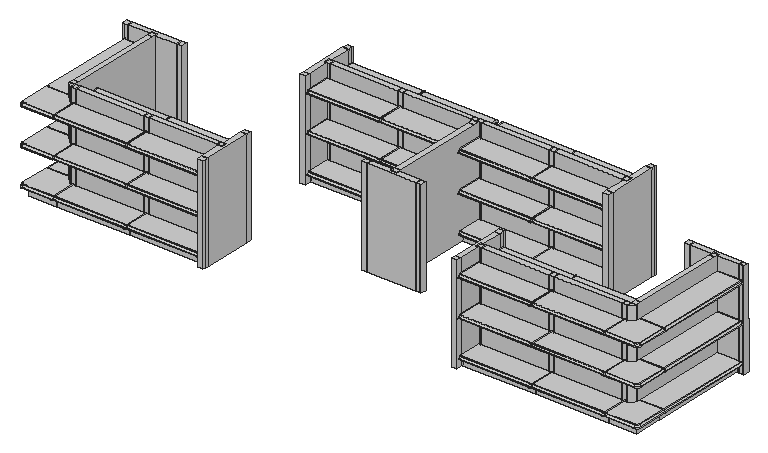
Revit family "QF_ConfigurationA", category Specialty Equipment, Revit 2012
Parameters
  Width = 1' - 0"
  Height = 4' - 0"
Reference planes (in)
  plane 1 "Center (Front/Back)": y = 0
  plane 2: z = 0
  plane 3 "Center (Left/Right)": x = 0
  plane 4: z = 48
  plane 5: z = 5.5
  plane 6: z = 4.125
  plane 7: z = 23.5
  plane 8: z = 41.5
  plane 9: z = 22.125
  plane 10: z = 40.125
  plane 11: y = 6
  plane 12: y = 6
  plane 13: y = 82.5
  plane 14: y = 20.25
  plane 15: y = 68.25
  plane 16: x = -80.625
  plane 17: x = -128.625
  plane 18: y = 82.5
  plane 19: y = 96.75
  plane 20: x = -157.875
  plane 21: x = -205.875
  plane 22: y = 6
Forms (in)
  Extrusion 1, solid, material "Metal - Steel"
    sketch origin (0, 0, 0) x (1, 0, 0) y (0, 1, 0)
      loop
        line (-7.375, 7.375) -> (-7.375, 4.625) -> (-6.875, 4.625) -> (-4.625, 6.875) -> (-4.625, 7.375) -> (-7.375, 7.375)
    from 0 to 48
  Extrusion 2, solid, material "Metal - Steel"
    sketch origin (0, 0, 0) x (1, 0, 0) y (0, 1, 0)
      loop
        line (-4.625, 8.625) -> (-4.625, 6.875) -> (-6.875, 4.625) -> (-8.625, 4.625) -> (-8.625, -7.25) -> (6.25, -7.25)
        arc (6.25, -7.25) -> (6.95711, -6.95711) -> (7.25, -6.25) r 1
        line (7.25, -6.25) -> (7.25, 8.625) -> (-4.625, 8.625)
    from 4.125 to 5.5
  Extrusion 3, solid, material "Metal - Steel"
    sketch origin (0, 0, 0) x (1, 0, 0) y (0, 1, 0)
      loop
        line (5.25, 8.625) -> (-4.625, 8.625) -> (-4.625, 6.875) -> (-6.875, 4.625) -> (-8.625, 4.625) -> (-8.625, -5.375) -> (5.25, -5.375) -> (5.25, 8.625)
    from 0 to 4.125
  Sweep 4, solid, material "Metal - Steel"
    path in 3D
      loop
        line (-8.625, -7.25, 5.5) -> (6.25, -7.25, 5.5)
        arc (6.25, -7.25, 5.5) -> (6.95711, -6.95711, 5.5) -> (7.25, -6.25, 5.5) r 1
        line (7.25, -6.25, 5.5) -> (7.25, 8.625, 5.5)
    profile origin (7.25, 1.1875, 5.5) x (-1, 0, 0) y (0, 0, 1)
      loop
        line (0, 0) -> (-0.25, 0) -> (-0.25, -0.125) -> (-0.125, -0.125)
        arc (-0.125, -0.125) -> (-0.38696, -0.76286) -> (-0.875, -1.25) r 1.75
        line (-0.875, -1.25) -> (-0.875, -1.125) -> (-1, -1.125) -> (-1, -1.375) -> (0, -1.375) -> (0, 0)
  Extrusion 5, solid, material "Metal - Steel"
    sketch origin (0, 0, 0) x (1, 0, 0) y (0, 1, 0)
      loop
        line (-8.625, 4.625) -> (-8.625, -7.25) -> (6.25, -7.25)
        arc (6.25, -7.25) -> (6.95711, -6.95711) -> (7.25, -6.25) r 1
        line (7.25, -6.25) -> (7.25, 8.625) -> (-4.625, 8.625) -> (-4.625, 6.875) -> (-6.875, 4.625) -> (-8.625, 4.625)
    from 22.125 to 23.5
  Extrusion 6, solid, material "Metal - Steel"
    sketch origin (0, 0, 0) x (1, 0, 0) y (0, 1, 0)
      loop
        line (-8.625, 4.625) -> (-8.625, -7.25) -> (6.25, -7.25)
        arc (6.25, -7.25) -> (6.95711, -6.95711) -> (7.25, -6.25) r 1
        line (7.25, -6.25) -> (7.25, 8.625) -> (-4.625, 8.625) -> (-4.625, 6.875) -> (-6.875, 4.625) -> (-8.625, 4.625)
    from 40.125 to 41.5
  Sweep 7, solid, material "Metal - Steel"
    path in 3D
      loop
        line (-8.625, -7.25, 23.5) -> (6.25, -7.25, 23.5)
        arc (6.25, -7.25, 23.5) -> (6.95711, -6.95711, 23.5) -> (7.25, -6.25, 23.5) r 1
        line (7.25, -6.25, 23.5) -> (7.25, 8.625, 23.5)
    profile origin (-1.1875, -7.25, 23.5) x (0, 1, 0) y (0, 0, 1)
      loop
        line (0, 0) -> (-0.25, 0) -> (-0.25, -0.125) -> (-0.125, -0.125)
        arc (-0.125, -0.125) -> (-0.38696, -0.76286) -> (-0.875, -1.25) r 1.75
        line (-0.875, -1.25) -> (-0.875, -1.125) -> (-1, -1.125) -> (-1, -1.375) -> (0, -1.375) -> (0, 0)
  Sweep 8, solid, material "Metal - Steel"
    path in 3D
      loop
        line (-8.625, -7.25, 41.5) -> (6.25, -7.25, 41.5)
        arc (6.25, -7.25, 41.5) -> (6.95711, -6.95711, 41.5) -> (7.25, -6.25, 41.5) r 1
        line (7.25, -6.25, 41.5) -> (7.25, 8.625, 41.5)
    profile origin (7.25, 1.1875, 41.5) x (-1, 0, 0) y (0, 0, 1)
      loop
        line (0, 0) -> (-0.25, 0) -> (-0.25, -0.125) -> (-0.125, -0.125)
        arc (-0.125, -0.125) -> (-0.38696, -0.76286) -> (-0.875, -1.25) r 1.75
        line (-0.875, -1.25) -> (-0.875, -1.125) -> (-1, -1.125) -> (-1, -1.375) -> (0, -1.375) -> (0, 0)
  Extrusion 9, solid, material "Metal - Steel"
    sketch origin (-289.25, 0, 0) x (-1, 0, 0) y (0, -1, 0)
      loop
        line (-7.375, -7.375) -> (-4.625, -7.375) -> (-4.625, -6.875) -> (-6.875, -4.625) -> (-7.375, -4.625) -> (-7.375, -7.375)
    from 0 to 48
  Extrusion 10, solid, material "Metal - Steel"
    sketch origin (-289.25, 0, 0) x (-1, 0, 0) y (0, -1, 0)
      loop
        line (-4.625, -8.625) -> (7.25, -8.625) -> (7.25, 6.25)
        arc (7.25, 6.25) -> (6.95711, 6.95711) -> (6.25, 7.25) r 1
        line (6.25, 7.25) -> (-8.625, 7.25) -> (-8.625, -4.625) -> (-6.875, -4.625) -> (-4.625, -6.875) -> (-4.625, -8.625)
    from 4.125 to 5.5
  Extrusion 11, solid, material "Metal - Steel"
    sketch origin (-289.25, 0, 0) x (-1, 0, 0) y (0, -1, 0)
      loop
        line (5.25, -8.625) -> (5.25, 5.375) -> (-8.625, 5.375) -> (-8.625, -4.625) -> (-6.875, -4.625) -> (-4.625, -6.875) -> (-4.625, -8.625) -> (5.25, -8.625)
    from 0 to 4.125
  Sweep 12, solid, material "Metal - Steel"
    path in 3D
      loop
        line (-280.625, -7.25, 5.5) -> (-295.5, -7.25, 5.5)
        arc (-295.5, -7.25, 5.5) -> (-296.20711, -6.95711, 5.5) -> (-296.5, -6.25, 5.5) r 1
        line (-296.5, -6.25, 5.5) -> (-296.5, 8.625, 5.5)
    profile origin (-296.5, 1.1875, 5.5) x (-1, 0, 0) y (0, 0, 1)
      loop
        line (0, 0) -> (0, -1.375) -> (1, -1.375) -> (1, -1.125) -> (0.875, -1.125) -> (0.875, -1.25)
        arc (0.875, -1.25) -> (0.38696, -0.76286) -> (0.125, -0.125) r 1.75
        line (0.125, -0.125) -> (0.25, -0.125) -> (0.25, 0) -> (0, 0)
  Extrusion 13, solid, material "Metal - Steel"
    sketch origin (-289.25, 0, 0) x (-1, 0, 0) y (0, -1, 0)
      loop
        line (-8.625, -4.625) -> (-6.875, -4.625) -> (-4.625, -6.875) -> (-4.625, -8.625) -> (7.25, -8.625) -> (7.25, 6.25)
        arc (7.25, 6.25) -> (6.95711, 6.95711) -> (6.25, 7.25) r 1
        line (6.25, 7.25) -> (-8.625, 7.25) -> (-8.625, -4.625)
    from 22.125 to 23.5
  Extrusion 14, solid, material "Metal - Steel"
    sketch origin (-289.25, 0, 0) x (-1, 0, 0) y (0, -1, 0)
      loop
        line (-8.625, -4.625) -> (-6.875, -4.625) -> (-4.625, -6.875) -> (-4.625, -8.625) -> (7.25, -8.625) -> (7.25, 6.25)
        arc (7.25, 6.25) -> (6.95711, 6.95711) -> (6.25, 7.25) r 1
        line (6.25, 7.25) -> (-8.625, 7.25) -> (-8.625, -4.625)
    from 40.125 to 41.5
  Sweep 15, solid, material "Metal - Steel"
    path in 3D
      loop
        line (-280.625, -7.25, 23.5) -> (-295.5, -7.25, 23.5)
        arc (-295.5, -7.25, 23.5) -> (-296.20711, -6.95711, 23.5) -> (-296.5, -6.25, 23.5) r 1
        line (-296.5, -6.25, 23.5) -> (-296.5, 8.625, 23.5)
    profile origin (-296.5, 1.1875, 23.5) x (-1, 0, 0) y (0, 0, 1)
      loop
        line (0, 0) -> (0, -1.375) -> (1, -1.375) -> (1, -1.125) -> (0.875, -1.125) -> (0.875, -1.25)
        arc (0.875, -1.25) -> (0.38696, -0.76286) -> (0.125, -0.125) r 1.75
        line (0.125, -0.125) -> (0.25, -0.125) -> (0.25, 0) -> (0, 0)
  Sweep 16, solid, material "Metal - Steel"
    path in 3D
      loop
        line (-280.625, -7.25, 41.5) -> (-295.5, -7.25, 41.5)
        arc (-295.5, -7.25, 41.5) -> (-296.20711, -6.95711, 41.5) -> (-296.5, -6.25, 41.5) r 1
        line (-296.5, -6.25, 41.5) -> (-296.5, 8.625, 41.5)
    profile origin (-296.5, 1.1875, 41.5) x (-1, 0, 0) y (0, 0, 1)
      loop
        line (0, 0) -> (0, -1.375) -> (1, -1.375) -> (1, -1.125) -> (0.875, -1.125) -> (0.875, -1.25)
        arc (0.875, -1.25) -> (0.38696, -0.76286) -> (0.125, -0.125) r 1.75
        line (0.125, -0.125) -> (0.25, -0.125) -> (0.25, 0) -> (0, 0)
Cuts and joins
  joined: Extrusion 2, Extrusion 3, Sweep 4
  joined: Extrusion 5, Sweep 7
  joined: Extrusion 6, Sweep 8
  joined: Extrusion 14, Sweep 16
  joined: Extrusion 13, Sweep 15
  joined: Extrusion 10, Sweep 12
Lines and regions (in)
  sketch lines
    curve 1: line (7.25, -6.25, 5.5) -> (7.25, 8.625, 5.5)
    curve 2: arc (7.25, -6.25, 5.5) -> (6.95711, -6.95711, 5.5) -> (6.25, -7.25, 5.5) r 1
    curve 3: line (-8.625, -7.25, 5.5) -> (6.25, -7.25, 5.5)
    curve 4: line (-8.625, -7.25, 23.5) -> (6.25, -7.25, 23.5)
    curve 5: arc (7.25, -6.25, 23.5) -> (6.95711, -6.95711, 23.5) -> (6.25, -7.25, 23.5) r 1
    curve 6: line (7.25, -6.25, 23.5) -> (7.25, 8.625, 23.5)
    curve 7: line (7.25, -6.25, 41.5) -> (7.25, 8.625, 41.5)
    curve 8: arc (7.25, -6.25, 41.5) -> (6.95711, -6.95711, 41.5) -> (6.25, -7.25, 41.5) r 1
    curve 9: line (-8.625, -7.25, 41.5) -> (6.25, -7.25, 41.5)
    curve 10: line (-296.5, -6.25, 5.5) -> (-296.5, 8.625, 5.5)
    curve 11: arc (-296.5, -6.25, 5.5) -> (-296.20711, -6.95711, 5.5) -> (-295.5, -7.25, 5.5) r 1
    curve 12: line (-280.625, -7.25, 5.5) -> (-295.5, -7.25, 5.5)
    curve 13: line (-296.5, -6.25, 23.5) -> (-296.5, 8.625, 23.5)
    curve 14: arc (-296.5, -6.25, 23.5) -> (-296.20711, -6.95711, 23.5) -> (-295.5, -7.25, 23.5) r 1
    curve 15: line (-280.625, -7.25, 23.5) -> (-295.5, -7.25, 23.5)
    curve 16: line (-296.5, -6.25, 41.5) -> (-296.5, 8.625, 41.5)
    curve 17: arc (-296.5, -6.25, 41.5) -> (-296.20711, -6.95711, 41.5) -> (-295.5, -7.25, 41.5) r 1
    curve 18: line (-280.625, -7.25, 41.5) -> (-295.5, -7.25, 41.5)
Dimensions and locks (in)
  "Height": plane 4 to level
  aligned and locked: level to plane 2
  aligned and locked: plane 4 to Extrusion 1
Automatic sketch dimensions
  plane 11 to Extrusion 1 sketch curve = 0' - 1 3/8"
  Extrusion 1 sketch curve to plane 3 "Center (Left/Right)" = 0' - 7 3/8"
  Extrusion 1 sketch curve to Extrusion 1 sketch curve = 0' - 0 1/2"  (x2)
  Extrusion 1 sketch curve to plane 11 = 0' - 0 7/8"
  Extrusion 1 sketch curve to Extrusion 1 sketch curve = 0' - 2 3/4"
  Extrusion 2 sketch curve to plane 3 "Center (Left/Right)" = 0' - 8 5/8"
  Extrusion 2 sketch curve to Extrusion 2 sketch curve = 0' - 1 3/4"
  Extrusion 2 sketch curve to Extrusion 2 sketch curve = 0' - 2 1/4"
  plane 3 "Center (Left/Right)" to Extrusion 2 sketch curve = 0' - 6 1/4"
  Extrusion 2 sketch curve to plane 11 = 0' - 2 5/8"
  plane 3 "Center (Left/Right)" to Extrusion 2 sketch curve = 0' - 7 1/4"
  Extrusion 2 sketch curve to plane 11 = 0' - 0 7/8"
  plane 11 to Extrusion 2 sketch curve = 0' - 1 3/8"
  plane 1 "Center (Front/Back)" to Extrusion 2 sketch curve = 0' - 6 1/4"
  plane 11 to Extrusion 3 sketch curve = 0' - 1 3/8"
  Extrusion 3 sketch curve to plane 3 "Center (Left/Right)" = 0' - 8 5/8"
  Extrusion 3 sketch curve to Extrusion 3 sketch curve = 0' - 1 3/4"
  Extrusion 3 sketch curve to plane 11 = 0' - 0 7/8"
  Extrusion 3 sketch curve to Extrusion 3 sketch curve = 0' - 2 1/4"
  plane 3 "Center (Left/Right)" to Extrusion 3 sketch curve = 0' - 5 1/4"
  plane 1 "Center (Front/Back)" to Extrusion 3 sketch curve = 0' - 5 3/8"
  Extrusion 3 sketch curve to plane 11 = 0' - 2 5/8"
  Sweep 4 sketch curve to profile plane = 0' - 0"  (x2)
  profile plane to Sweep 4 sketch curve = 0' - 0 1/8"
  Sweep 4 sketch curve to Sweep 4 sketch curve = 0' - 0 1/8"  (x4)
  profile plane to Sweep 4 sketch curve = 0' - 0 7/8"
  profile plane to Sweep 4 sketch curve = 0' - 0.20787"
  Sweep 4 sketch curve to Sweep 4 sketch curve = 0' - 0.84305"
  Sweep 4 sketch curve to profile plane = 0' - 0 1/8"
  Extrusion 5 sketch curve to plane 3 "Center (Left/Right)" = 0' - 8 5/8"
  plane 11 to Extrusion 5 sketch curve = 0' - 1 3/8"
  Extrusion 5 sketch curve to Extrusion 5 sketch curve = 0' - 1 3/4"
  Extrusion 5 sketch curve to plane 11 = 0' - 0 7/8"
  Extrusion 5 sketch curve to Extrusion 5 sketch curve = 0' - 2 1/4"
  plane 3 "Center (Left/Right)" to Extrusion 5 sketch curve = 0' - 6 1/4"
  Extrusion 5 sketch curve to Extrusion 5 sketch curve = 0' - 1"
  plane 1 "Center (Front/Back)" to Extrusion 5 sketch curve = 0' - 6 1/4"
  Extrusion 5 sketch curve to plane 11 = 0' - 2 5/8"
  plane 11 to Extrusion 6 sketch curve = 0' - 1 3/8"
  Extrusion 6 sketch curve to plane 3 "Center (Left/Right)" = 0' - 8 5/8"
  Extrusion 6 sketch curve to Extrusion 6 sketch curve = 0' - 1 3/4"  (x2)
  Extrusion 6 sketch curve to Extrusion 6 sketch curve = 0' - 2 1/4"
  plane 3 "Center (Left/Right)" to Extrusion 6 sketch curve = 0' - 6 1/4"
  Extrusion 6 sketch curve to Extrusion 6 sketch curve = 0' - 1"
  plane 1 "Center (Front/Back)" to Extrusion 6 sketch curve = 0' - 6 1/4"
  Extrusion 6 sketch curve to plane 11 = 0' - 0 7/8"
  Sweep 7 sketch curve to profile plane = 0' - 0"  (x2)
  profile plane to Sweep 7 sketch curve = 0' - 0 1/8"
  Sweep 7 sketch curve to Sweep 7 sketch curve = 0' - 0 1/8"  (x4)
  profile plane to Sweep 7 sketch curve = 0' - 0 7/8"
  profile plane to Sweep 7 sketch curve = 0' - 0.20787"
  Sweep 7 sketch curve to Sweep 7 sketch curve = 0' - 0.84305"
  Sweep 7 sketch curve to profile plane = 0' - 0 1/8"
  Sweep 8 sketch curve to profile plane = 0' - 0"  (x2)
  profile plane to Sweep 8 sketch curve = 0' - 0 1/8"
  Sweep 8 sketch curve to Sweep 8 sketch curve = 0' - 0 1/8"  (x4)
  profile plane to Sweep 8 sketch curve = 0' - 0 7/8"
  profile plane to Sweep 8 sketch curve = 0' - 0.20787"
  Sweep 8 sketch curve to Sweep 8 sketch curve = 0' - 0.84305"
  Sweep 8 sketch curve to profile plane = 0' - 0 1/8"
  Extrusion 9 sketch curve to plane 11 = 0' - 1 3/8"
  Extrusion 9 sketch curve to Extrusion 9 sketch curve = 0' - 0 1/2"  (x2)
  plane 11 to Extrusion 9 sketch curve = 0' - 0 7/8"
  Extrusion 9 sketch curve to Extrusion 9 sketch curve = 0' - 2 3/4"
  Extrusion 10 sketch curve to plane 1 "Center (Front/Back)" = 0' - 7 1/4"
  Extrusion 10 sketch curve to Extrusion 10 sketch curve = 0' - 1 3/4"
  Extrusion 10 sketch curve to Extrusion 10 sketch curve = 0' - 2 1/4"
  Extrusion 10 sketch curve to Extrusion 10 sketch curve = 1' - 2 7/8"
  plane 11 to Extrusion 10 sketch curve = 0' - 2 5/8"
  Extrusion 10 sketch curve to Extrusion 10 sketch curve = 0' - 11 7/8"
  Extrusion 10 sketch curve to plane 11 = 0' - 1 3/8"
  plane 11 to Extrusion 10 sketch curve = 0' - 0 7/8"
  Extrusion 11 sketch curve to plane 11 = 0' - 1 3/8"
  Extrusion 11 sketch curve to Extrusion 11 sketch curve = 0' - 1 3/4"
  plane 11 to Extrusion 11 sketch curve = 0' - 0 7/8"
  Extrusion 11 sketch curve to Extrusion 11 sketch curve = 0' - 2 1/4"
  plane 11 to Extrusion 11 sketch curve = 0' - 2 5/8"
  Extrusion 11 sketch curve to Extrusion 11 sketch curve = 0' - 9 7/8"
  Extrusion 11 sketch curve to plane 1 "Center (Front/Back)" = 0' - 5 3/8"
  Sweep 12 sketch curve to profile plane = 0' - 0"  (x2)
  Sweep 12 sketch curve to profile plane = 0' - 0 1/8"  (x2)
  Sweep 12 sketch curve to Sweep 12 sketch curve = 0' - 0 1/8"  (x4)
  Sweep 12 sketch curve to profile plane = 0' - 0 7/8"
  profile plane to Sweep 12 sketch curve = 0' - 0.20787"
  Sweep 12 sketch curve to Sweep 12 sketch curve = 0' - 0.84305"
  Extrusion 13 sketch curve to plane 1 "Center (Front/Back)" = 0' - 7 1/4"
  Extrusion 13 sketch curve to plane 11 = 0' - 1 3/8"
  Extrusion 13 sketch curve to Extrusion 13 sketch curve = 0' - 1 3/4"
  plane 11 to Extrusion 13 sketch curve = 0' - 0 7/8"
  Extrusion 13 sketch curve to Extrusion 13 sketch curve = 0' - 2 1/4"
  Extrusion 13 sketch curve to plane 1 "Center (Front/Back)" = 0' - 6 1/4"
  Extrusion 13 sketch curve to Extrusion 13 sketch curve = 1' - 2 7/8"
  plane 11 to Extrusion 13 sketch curve = 0' - 2 5/8"
  Extrusion 14 sketch curve to plane 11 = 0' - 1 3/8"
  Extrusion 14 sketch curve to Extrusion 14 sketch curve = 0' - 1 3/4"  (x2)
  Extrusion 14 sketch curve to Extrusion 14 sketch curve = 0' - 2 1/4"
  Extrusion 14 sketch curve to plane 1 "Center (Front/Back)" = 0' - 7 1/4"
  Extrusion 14 sketch curve to Extrusion 14 sketch curve = 1' - 2 7/8"
  Extrusion 14 sketch curve to Extrusion 14 sketch curve = 0' - 1"
  plane 11 to Extrusion 14 sketch curve = 0' - 0 7/8"
  plane 21 to Extrusion 9 sketch curve = 6' - 4"
  plane 21 to Extrusion 10 sketch curve = 6' - 2 3/4"
  plane 21 to Extrusion 11 sketch curve = 6' - 2 3/4"
  plane 21 to Extrusion 13 sketch curve = 6' - 2 3/4"
  plane 21 to Extrusion 14 sketch curve = 6' - 2 3/4"
  Sweep 15 sketch curve to profile plane = 0' - 0"  (x2)
  Sweep 15 sketch curve to profile plane = 0' - 0 1/8"  (x2)
  Sweep 15 sketch curve to Sweep 15 sketch curve = 0' - 0 1/8"  (x4)
  Sweep 15 sketch curve to profile plane = 0' - 0 7/8"
  profile plane to Sweep 15 sketch curve = 0' - 0.20787"
  Sweep 15 sketch curve to Sweep 15 sketch curve = 0' - 0.84305"
  Sweep 16 sketch curve to profile plane = 0' - 0"  (x2)
  Sweep 16 sketch curve to profile plane = 0' - 0 1/8"  (x2)
  Sweep 16 sketch curve to Sweep 16 sketch curve = 0' - 0 1/8"  (x4)
  Sweep 16 sketch curve to profile plane = 0' - 0 7/8"
  profile plane to Sweep 16 sketch curve = 0' - 0.20787"
  Sweep 16 sketch curve to Sweep 16 sketch curve = 0' - 0.84305"
Nested families (in)
  nested 1: "TL1" at (-26.625, 6, 0), type "Maxi Line 36" Starter"
    with "Front" Shelf 6' - 6" no, "Front" Shelf 5' no, "Front" Shelf 3' - 6" yes, "Front" Shelf 2' yes, "Front" Base Shelf yes, "Back" Shelf 6' - 6" no, "Back" Shelf 5' no, "Back" Shelf 3' - 6" yes, "Back" Shelf 2' yes, "Back" Base Shelf yes
  nested 2: "TL2" at (-62.625, 6, 0) x (-1, 0, 0) z (0, 0, 1), type "Maxi Line Add-On (Default)"
    with "Front" Shelf 6' - 6" no, "Front" Shelf 5' no, "Front" Shelf 3' - 6" yes, "Front" Shelf 2' yes, "Front" Base Shelf yes, "Back" Shelf 6' - 6" no, "Back" Shelf 5' no, "Back" Shelf 3' - 6" yes, "Back" Shelf 2' yes, "Back" Base Shelf yes
  nested 3: "TL1" at (-6, 32.625, 0) x (0, 1, 0) z (0, 0, 1), type "4"
    with "Front" Shelf 6' - 6" no, "Front" Shelf 5' no, "Front" Shelf 3' - 6" yes, "Front" Shelf 2' yes, "Front" Base Shelf yes, "Back" Shelf 6' - 6" no, "Back" Shelf 5' no, "Back" Shelf 3' - 6" no, "Back" Shelf 2' no, "Back" Base Shelf no
  nested 4: "TL3" at (-81.7428, 19.375, 0) x (0, -1, 0) z (0, 0, 1), type "Maxi Line End (Default)"
    with "Front" Shelf 6' - 6" no, "Front" Shelf 5' no, "Front" Shelf 3' - 6" no, "Front" Shelf 2' no, "Front" Regular Base Shelf no
  nested 5: "TL3" at (7.375, 57.7428, 0) x (-1, 0, 0) z (0, 0, 1), type "Maxi Line End (Default)"
    with "Front" Shelf 6' - 6" no, "Front" Shelf 5' no, "Front" Shelf 3' - 6" no, "Front" Shelf 2' no, "Front" Regular Base Shelf no
  nested 6: "TL1" at (-123.875, 82.5, 0) x (-1, 0, 0) z (0, 0, 1), type "Maxi Line 36" Starter"
    with "Front" Shelf 6' - 6" no, "Front" Shelf 5' no, "Front" Shelf 3' - 6" yes, "Front" Shelf 2' yes, "Front" Base Shelf yes, "Back" Shelf 6' - 6" no, "Back" Shelf 5' no, "Back" Shelf 3' - 6" yes, "Back" Shelf 2' yes, "Back" Base Shelf yes
  nested 7: "TL2" at (-87.875, 82.5, 0), type "Maxi Line Add-On (Default)"
    with "Front" Shelf 6' - 6" no, "Front" Shelf 5' no, "Front" Shelf 3' - 6" yes, "Front" Shelf 2' yes, "Front" Base Shelf yes, "Back" Shelf 6' - 6" no, "Back" Shelf 5' no, "Back" Shelf 3' - 6" yes, "Back" Shelf 2' yes, "Back" Base Shelf yes
  nested 8: "TL3" at (-68.7572, 69.125, 0) x (0, 1, 0) z (0, 0, 1), type "Maxi Line End (Default)"
    with "Front" Shelf 6' - 6" no, "Front" Shelf 5' no, "Front" Shelf 3' - 6" no, "Front" Shelf 2' no, "Front" Regular Base Shelf no
  nested 9: "TL3" at (-156.625, 30.7572, 0), type "Maxi Line End (Default)"
    with "Front" Shelf 6' - 6" no, "Front" Shelf 5' no, "Front" Shelf 3' - 6" no, "Front" Shelf 2' no, "Front" Regular Base Shelf no
  nested 10: "TL1" at (-162.625, 82.5, 0), type "Maxi Line 36" Starter"
    with "Front" Shelf 6' - 6" no, "Front" Shelf 5' no, "Front" Shelf 3' - 6" yes, "Front" Shelf 2' yes, "Front" Base Shelf yes, "Back" Shelf 6' - 6" no, "Back" Shelf 5' no, "Back" Shelf 3' - 6" yes, "Back" Shelf 2' yes, "Back" Base Shelf yes
  nested 11: "TL2" at (-198.625, 82.5, 0) x (-1, 0, 0) z (0, 0, 1), type "Maxi Line Add-On (Default)"
    with "Front" Shelf 6' - 6" no, "Front" Shelf 5' no, "Front" Shelf 3' - 6" yes, "Front" Shelf 2' yes, "Front" Base Shelf yes, "Back" Shelf 6' - 6" no, "Back" Shelf 5' no, "Back" Shelf 3' - 6" yes, "Back" Shelf 2' yes, "Back" Base Shelf yes
  nested 12: "TL3" at (-217.7428, 95.875, 0) x (0, -1, 0) z (0, 0, 1), type "Maxi Line End (Default)"
    with "Front" Shelf 6' - 6" no, "Front" Shelf 5' no, "Front" Shelf 3' - 6" no, "Front" Shelf 2' no, "Front" Regular Base Shelf no
  nested 13: "TL1" at (-262.625, 6, 0) x (-1, 0, 0) z (0, 0, 1), type "Maxi Line 36" Starter"
    with "Front" Shelf 6' - 6" no, "Front" Shelf 5' no, "Front" Shelf 3' - 6" yes, "Front" Shelf 2' yes, "Front" Base Shelf yes, "Back" Shelf 6' - 6" no, "Back" Shelf 5' no, "Back" Shelf 3' - 6" yes, "Back" Shelf 2' yes, "Back" Base Shelf yes
  nested 14: "TL2" at (-226.625, 6, 0), type "Maxi Line Add-On (Default)"
    with "Front" Shelf 6' - 6" no, "Front" Shelf 5' no, "Front" Shelf 3' - 6" yes, "Front" Shelf 2' yes, "Front" Base Shelf yes, "Back" Shelf 6' - 6" no, "Back" Shelf 5' no, "Back" Shelf 3' - 6" yes, "Back" Shelf 2' yes, "Back" Base Shelf yes
  nested 15: "TL1" at (-283.25, 32.625, 0) x (0, 1, 0) z (0, 0, 1), type "4"
    with "Front" Shelf 6' - 6" no, "Front" Shelf 5' no, "Front" Shelf 3' - 6" yes, "Front" Shelf 2' yes, "Front" Base Shelf yes, "Back" Shelf 6' - 6" no, "Back" Shelf 5' no, "Back" Shelf 3' - 6" no, "Back" Shelf 2' no, "Back" Base Shelf no
  nested 16: "TL3" at (-207.5072, 19.375, 0) x (0, -1, 0) z (0, 0, 1), type "Maxi Line End (Default)"
    with "Front" Shelf 6' - 6" no, "Front" Shelf 5' no, "Front" Shelf 3' - 6" no, "Front" Shelf 2' no, "Front" Regular Base Shelf no
  nested 17: "TL3" at (-296.625, 57.7428, 0), type "Maxi Line End (Default)"
    with "Front" Shelf 6' - 6" no, "Front" Shelf 5' no, "Front" Shelf 3' - 6" no, "Front" Shelf 2' no, "Front" Regular Base Shelf no
  nested 18: "TL1" at (-143.25, 55.875, 0) x (0, 1, 0) z (0, 0, 1), type "41"
    with "Front" Shelf 6' - 6" no, "Front" Shelf 5' no, "Front" Shelf 3' - 6" no, "Front" Shelf 2' no, "Front" Base Shelf no, "Back" Shelf 6' - 6" no, "Back" Shelf 5' no, "Back" Shelf 3' - 6" no, "Back" Shelf 2' no, "Back" Base Shelf no
Definition of nested family "TL1"
  Parameters (values of type "41")
    Width = 4' - 0"
    "Front" Base Shelf [instance] = no
    "Front" Shelf 2' [instance] = no
    "Front" Shelf 3' - 6" [instance] = no
    "Front" Shelf 5' [instance] = no
    "Front" Shelf 6' - 6" [instance] = no
    "Back" Base Shelf [instance] = no
    "Back" Shelf 2' [instance] = no
    "Back" Shelf 3' - 6" [instance] = no
    "Front" Shelf Depth = 1' - 0"
    "Back" Shelf 5' [instance] = no
    "Back" Shelf Depth = 1' - 0"
    Upright Height = 4' - 0"
    "Back" Shelf 6' - 6" [instance] = no
  Types (4): name | "Front" Base Shelf | "Front" Shelf 2' | "Front" Shelf 3' - 6"
    (no name) | no | no | no
    Maxi Line 36" Starter | yes | yes | yes
    4 | no | no | no
    41 | no | no | no
  Reference planes (in)
    plane 1 "Center (Front/Back)": y = 0
    plane 2: z = 0
    plane 3 "Center (Left/Right)": x = 0
    plane 4: y = 1.375
    plane 5: y = -1.375
    plane 6: z = 48
    plane 7: z = 0
    plane 8 "1st shelf": z = 23.5
    plane 9 "2nd shelf": z = 41.5
    plane 10 "3rd shelf": z = 59.5
    plane 11 "4th shelf": z = 77.5
    plane 12: y = -14.25
    plane 13: x = -24
    plane 14: x = 24
    plane 15: x = -23.875
    plane 16: x = 23.875
    plane 17: z = 41.5
    plane 18: y = 14.25
    plane 19: y = 13.375
    plane 20: y = -13.375
  Forms (in)
    Extrusion 1, solid, material "Metal - Steel"
      sketch origin (-24, 1.375, 0) x (1, 0, 0) y (0, 0, 1)
        loop
          line (0, 0) -> (1.25, 0) -> (48, 0) -> (49.25, 0) -> (49.25, 48) -> (46.75, 48) -> (46.75, 0.03125) -> (46.71924, 0.03125) -> (46.71924, 48) -> (1.2815, 48) -> (1.2815, 0.03125) -> (1.25, 0.03125) -> (1.25, 48) -> (-1.25, 48) -> (-1.25, 0) -> (0, 0)
      from 0 to 2.75
    Extrusion 2, solid, material "Metal - Steel", visible <- ""Front" Base Shelf"
      sketch origin (0, 10, 0) x (0, 1, 0) y (0, 0, 1)
        loop
          line (-11.375, 0) -> (-11.375, 5.5) -> (-23.375, 5.5) -> (-23.50139, 5.5) -> (-23.50139, 5.375) -> (-23.375, 5.375)
          arc (-23.375, 5.375) -> (-23.63696, 4.73714) -> (-24.125, 4.25) r 1.75
          line (-24.125, 4.25) -> (-24.125, 4.375) -> (-24.25, 4.375) -> (-24.25, 4.25) -> (-24.25, 4.125) -> (-21.375, 4.125) -> (-21.375, 0) -> (-11.375, 0)
      from -24 to 24
    Extrusion 3, solid, material "Metal - Steel", visible <- ""Front" Shelf 2'"
      sketch origin (0, 0, 0) x (0, 1, 0) y (0, 0, 1)
        loop
          line (-1.375, 23.5) -> (-13.5, 23.5) -> (-13.625, 23.5)
          arc (-13.625, 23.5) -> (-13.83033, 22.87796) -> (-14.25, 22.375) r 1.75
          line (-14.25, 22.375) -> (-14.25, 22.125) -> (-13.375, 22.125) -> (-13.375, 22.375) -> (-12.625, 23) -> (-12.375, 23) -> (-12.375, 22.875) -> (-1.375, 20.75) -> (-1.375, 23.5)
        loop
          circle (-10.375, 23) r 0.125
        loop
          circle (-2.5, 23) r 0.125
      from -24 to -23.875
    Extrusion 4, solid, material "Metal - Steel", visible <- ""Front" Shelf 2'"
      sketch origin (0, 0, 0) x (0, 1, 0) y (0, 0, 1)
        loop
          line (-13.5, 23.5) -> (-13.5, 23.375) -> (-13.375, 23.375)
          arc (-13.375, 23.375) -> (-13.58033, 22.75296) -> (-14, 22.25) r 1.75
          line (-14, 22.25) -> (-14, 22.375) -> (-14.125, 22.375) -> (-14.125, 22.125) -> (-13.375, 22.125) -> (-1.375, 22.125) -> (-1.375, 23.5) -> (-13.5, 23.5)
      from -23.875 to 23.875
    Extrusion 5, solid, material "Metal - Steel", visible <- ""Front" Shelf 2'"
      sketch origin (0, 0, 0) x (0, 1, 0) y (0, 0, -1)
        loop
          line (-1.375, -23.5) -> (-1.375, -20.75) -> (-12.375, -22.875) -> (-12.375, -23) -> (-12.625, -23) -> (-13.375, -22.375) -> (-13.375, -22.125) -> (-14.25, -22.125) -> (-14.25, -22.375)
          arc (-14.25, -22.375) -> (-13.83033, -22.87796) -> (-13.625, -23.5) r 1.75
          line (-13.625, -23.5) -> (-13.5, -23.5) -> (-1.375, -23.5)
        loop
          circle (-10.375, -23) r 0.125
        loop
          circle (-2.5, -23) r 0.125
      from -24 to -23.875
    Extrusion 6, solid, material "Metal - Steel", visible <- ""Front" Shelf 3' - 6""
      sketch origin (0, 0, 18) x (0, 1, 0) y (0, 0, 1)
        loop
          line (-1.375, 23.5) -> (-13.5, 23.5) -> (-13.625, 23.5)
          arc (-13.625, 23.5) -> (-13.83033, 22.87796) -> (-14.25, 22.375) r 1.75
          line (-14.25, 22.375) -> (-14.25, 22.125) -> (-13.375, 22.125) -> (-13.375, 22.375) -> (-12.625, 23) -> (-12.375, 23) -> (-12.375, 22.875) -> (-1.375, 20.75) -> (-1.375, 23.5)
        loop
          circle (-10.375, 23) r 0.125
        loop
          circle (-2.5, 23) r 0.125
      from -24 to -23.875
    Extrusion 7, solid, material "Metal - Steel", visible <- ""Front" Shelf 3' - 6""
      sketch origin (0, 0, 18) x (0, 1, 0) y (0, 0, 1)
        loop
          line (-13.5, 23.5) -> (-13.5, 23.375) -> (-13.375, 23.375)
          arc (-13.375, 23.375) -> (-13.58033, 22.75296) -> (-14, 22.25) r 1.75
          line (-14, 22.25) -> (-14, 22.375) -> (-14.25, 22.375) -> (-14.25, 22.125) -> (-13.375, 22.125) -> (-1.375, 22.125) -> (-1.375, 23.5) -> (-13.5, 23.5)
      from -23.875 to 23.875
    Extrusion 8, solid, material "Metal - Steel", visible <- ""Front" Shelf 3' - 6""
      sketch origin (0, 0, 18) x (0, 1, 0) y (0, 0, -1)
        loop
          line (-1.375, -23.5) -> (-1.375, -20.75) -> (-12.375, -22.875) -> (-12.375, -23) -> (-12.625, -23) -> (-13.375, -22.375) -> (-13.375, -22.125) -> (-14.25, -22.125) -> (-14.25, -22.375)
          arc (-14.25, -22.375) -> (-13.83033, -22.87796) -> (-13.625, -23.5) r 1.75
          line (-13.625, -23.5) -> (-13.5, -23.5) -> (-1.375, -23.5)
        loop
          circle (-10.375, -23) r 0.125
        loop
          circle (-2.5, -23) r 0.125
      from -24 to -23.875
    Extrusion 9, solid, material "Metal - Steel", visible <- ""Front" Shelf 5'"
      sketch origin (0, 0, 36) x (0, 1, 0) y (0, 0, 1)
        loop
          line (-1.375, 23.5) -> (-13.5, 23.5) -> (-13.625, 23.5)
          arc (-13.625, 23.5) -> (-13.83033, 22.87796) -> (-14.25, 22.375) r 1.75
          line (-14.25, 22.375) -> (-14.25, 22.125) -> (-13.375, 22.125) -> (-13.375, 22.375) -> (-12.625, 23) -> (-12.375, 23) -> (-12.375, 22.875) -> (-1.375, 20.75) -> (-1.375, 23.5)
        loop
          circle (-10.375, 23) r 0.125
        loop
          circle (-2.5, 23) r 0.125
      from -24 to -23.875
    Extrusion 10, solid, material "Metal - Steel", visible <- ""Front" Shelf 5'"
      sketch origin (0, 0, 36) x (0, 1, 0) y (0, 0, 1)
        loop
          line (-13.5, 23.5) -> (-13.5, 23.375) -> (-13.375, 23.375)
          arc (-13.375, 23.375) -> (-13.58033, 22.75296) -> (-14, 22.25) r 1.75
          line (-14, 22.25) -> (-14, 22.375) -> (-14.25, 22.375) -> (-14.25, 22.125) -> (-13.375, 22.125) -> (-1.375, 22.125) -> (-1.375, 23.5) -> (-13.5, 23.5)
      from -23.875 to 23.875
    Extrusion 11, solid, material "Metal - Steel", visible <- ""Front" Shelf 5'"
      sketch origin (0, 0, 36) x (0, 1, 0) y (0, 0, -1)
        loop
          line (-1.375, -23.5) -> (-1.375, -20.75) -> (-12.375, -22.875) -> (-12.375, -23) -> (-12.625, -23) -> (-13.375, -22.375) -> (-13.375, -22.125) -> (-14.25, -22.125) -> (-14.25, -22.375)
          arc (-14.25, -22.375) -> (-13.83033, -22.87796) -> (-13.625, -23.5) r 1.75
          line (-13.625, -23.5) -> (-13.5, -23.5) -> (-1.375, -23.5)
        loop
          circle (-10.375, -23) r 0.125
        loop
          circle (-2.5, -23) r 0.125
      from -24 to -23.875
    Extrusion 12, solid, material "Metal - Steel", visible <- ""Front" Shelf 6' - 6""
      sketch origin (0, 0, 54) x (0, 1, 0) y (0, 0, 1)
        loop
          line (-1.375, 23.5) -> (-13.5, 23.5) -> (-13.625, 23.5)
          arc (-13.625, 23.5) -> (-13.83033, 22.87796) -> (-14.25, 22.375) r 1.75
          line (-14.25, 22.375) -> (-14.25, 22.125) -> (-13.375, 22.125) -> (-13.375, 22.375) -> (-12.625, 23) -> (-12.375, 23) -> (-12.375, 22.875) -> (-1.375, 20.75) -> (-1.375, 23.5)
        loop
          circle (-10.375, 23) r 0.125
        loop
          circle (-2.5, 23) r 0.125
      from -24 to -23.875
    Extrusion 13, solid, material "Metal - Steel", visible <- ""Front" Shelf 6' - 6""
      sketch origin (0, 0, 54) x (0, 1, 0) y (0, 0, 1)
        loop
          line (-13.5, 23.5) -> (-13.5, 23.375) -> (-13.375, 23.375)
          arc (-13.375, 23.375) -> (-13.58033, 22.75296) -> (-14, 22.25) r 1.75
          line (-14, 22.25) -> (-14, 22.375) -> (-14.25, 22.375) -> (-14.25, 22.125) -> (-13.375, 22.125) -> (-1.375, 22.125) -> (-1.375, 23.5) -> (-13.5, 23.5)
      from -23.875 to 23.875
    Extrusion 14, solid, material "Metal - Steel", visible <- ""Front" Shelf 6' - 6""
      sketch origin (0, 0, 54) x (0, 1, 0) y (0, 0, -1)
        loop
          line (-1.375, -23.5) -> (-1.375, -20.75) -> (-12.375, -22.875) -> (-12.375, -23) -> (-12.625, -23) -> (-13.375, -22.375) -> (-13.375, -22.125) -> (-14.25, -22.125) -> (-14.25, -22.375)
          arc (-14.25, -22.375) -> (-13.83033, -22.87796) -> (-13.625, -23.5) r 1.75
          line (-13.625, -23.5) -> (-13.5, -23.5) -> (-1.375, -23.5)
        loop
          circle (-10.375, -23) r 0.125
        loop
          circle (-2.5, -23) r 0.125
      from -24 to -23.875
    Extrusion 15, solid, material "Metal - Steel", visible <- ""Back" Base Shelf"
      sketch origin (0, -10, 0) x (0, -1, 0) y (0, 0, -1)
        loop
          line (-11.375, 0) -> (-21.375, 0) -> (-21.375, -4.125) -> (-24.25, -4.125) -> (-24.25, -4.25) -> (-24.25, -4.375) -> (-24.125, -4.375) -> (-24.125, -4.25)
          arc (-24.125, -4.25) -> (-23.63696, -4.73714) -> (-23.375, -5.375) r 1.75
          line (-23.375, -5.375) -> (-23.50139, -5.375) -> (-23.50139, -5.5) -> (-23.375, -5.5) -> (-11.375, -5.5) -> (-11.375, 0)
      from -24 to 24
    Extrusion 16, solid, material "Metal - Steel", visible <- ""Back" Shelf 2'"
      sketch origin (0, 0, 0) x (0, -1, 0) y (0, 0, -1)
        loop
          line (-1.375, -23.5) -> (-1.375, -20.75) -> (-12.375, -22.875) -> (-12.375, -23) -> (-12.625, -23) -> (-13.375, -22.375) -> (-13.375, -22.125) -> (-14.25, -22.125) -> (-14.25, -22.375)
          arc (-14.25, -22.375) -> (-13.83033, -22.87796) -> (-13.625, -23.5) r 1.75
          line (-13.625, -23.5) -> (-13.5, -23.5) -> (-1.375, -23.5)
        loop
          circle (-10.375, -23) r 0.125
        loop
          circle (-2.5, -23) r 0.125
      from -24 to -23.875
    Extrusion 17, solid, material "Metal - Steel", visible <- ""Back" Shelf 2'"
      sketch origin (0, 0, 0) x (0, -1, 0) y (0, 0, -1)
        loop
          line (-13.5, -23.5) -> (-1.375, -23.5) -> (-1.375, -22.125) -> (-13.375, -22.125) -> (-14.125, -22.125) -> (-14.125, -22.375) -> (-14, -22.375) -> (-14, -22.25)
          arc (-14, -22.25) -> (-13.58033, -22.75296) -> (-13.375, -23.375) r 1.75
          line (-13.375, -23.375) -> (-13.5, -23.375) -> (-13.5, -23.5)
      from -23.875 to 23.875
    Extrusion 18, solid, material "Metal - Steel", visible <- ""Back" Shelf 2'"
      sketch origin (0, 0, 0) x (0, -1, 0) y (0, 0, 1)
        loop
          line (-1.375, 23.5) -> (-13.5, 23.5) -> (-13.625, 23.5)
          arc (-13.625, 23.5) -> (-13.83033, 22.87796) -> (-14.25, 22.375) r 1.75
          line (-14.25, 22.375) -> (-14.25, 22.125) -> (-13.375, 22.125) -> (-13.375, 22.375) -> (-12.625, 23) -> (-12.375, 23) -> (-12.375, 22.875) -> (-1.375, 20.75) -> (-1.375, 23.5)
        loop
          circle (-10.375, 23) r 0.125
        loop
          circle (-2.5, 23) r 0.125
      from -24 to -23.875
    Extrusion 19, solid, material "Metal - Steel", visible <- ""Back" Shelf 3' - 6""
      sketch origin (0, 0, 18) x (0, -1, 0) y (0, 0, -1)
        loop
          line (-1.375, -23.5) -> (-1.375, -20.75) -> (-12.375, -22.875) -> (-12.375, -23) -> (-12.625, -23) -> (-13.375, -22.375) -> (-13.375, -22.125) -> (-14.25, -22.125) -> (-14.25, -22.375)
          arc (-14.25, -22.375) -> (-13.83033, -22.87796) -> (-13.625, -23.5) r 1.75
          line (-13.625, -23.5) -> (-13.5, -23.5) -> (-1.375, -23.5)
        loop
          circle (-10.375, -23) r 0.125
        loop
          circle (-2.5, -23) r 0.125
      from -24 to -23.875
    Extrusion 20, solid, material "Metal - Steel", visible <- ""Back" Shelf 3' - 6""
      sketch origin (0, 0, 18) x (0, -1, 0) y (0, 0, -1)
        loop
          line (-13.5, -23.5) -> (-1.375, -23.5) -> (-1.375, -22.125) -> (-13.375, -22.125) -> (-14.25, -22.125) -> (-14.25, -22.375) -> (-14, -22.375) -> (-14, -22.25)
          arc (-14, -22.25) -> (-13.58033, -22.75296) -> (-13.375, -23.375) r 1.75
          line (-13.375, -23.375) -> (-13.5, -23.375) -> (-13.5, -23.5)
      from -23.875 to 23.875
    Extrusion 21, solid, material "Metal - Steel", visible <- ""Back" Shelf 3' - 6""
      sketch origin (0, 0, 18) x (0, -1, 0) y (0, 0, 1)
        loop
          line (-1.375, 23.5) -> (-13.5, 23.5) -> (-13.625, 23.5)
          arc (-13.625, 23.5) -> (-13.83033, 22.87796) -> (-14.25, 22.375) r 1.75
          line (-14.25, 22.375) -> (-14.25, 22.125) -> (-13.375, 22.125) -> (-13.375, 22.375) -> (-12.625, 23) -> (-12.375, 23) -> (-12.375, 22.875) -> (-1.375, 20.75) -> (-1.375, 23.5)
        loop
          circle (-10.375, 23) r 0.125
        loop
          circle (-2.5, 23) r 0.125
      from -24 to -23.875
    Extrusion 22, solid, material "Metal - Steel", visible <- ""Back" Shelf 5'"
      sketch origin (0, 0, 36) x (0, -1, 0) y (0, 0, -1)
        loop
          line (-1.375, -23.5) -> (-1.375, -20.75) -> (-12.375, -22.875) -> (-12.375, -23) -> (-12.625, -23) -> (-13.375, -22.375) -> (-13.375, -22.125) -> (-14.25, -22.125) -> (-14.25, -22.375)
          arc (-14.25, -22.375) -> (-13.83033, -22.87796) -> (-13.625, -23.5) r 1.75
          line (-13.625, -23.5) -> (-13.5, -23.5) -> (-1.375, -23.5)
        loop
          circle (-10.375, -23) r 0.125
        loop
          circle (-2.5, -23) r 0.125
      from -24 to -23.875
    Extrusion 23, solid, material "Metal - Steel", visible <- ""Back" Shelf 5'"
      sketch origin (0, 0, 36) x (0, -1, 0) y (0, 0, -1)
        loop
          line (-13.5, -23.5) -> (-1.375, -23.5) -> (-1.375, -22.125) -> (-13.375, -22.125) -> (-14.25, -22.125) -> (-14.25, -22.375) -> (-14, -22.375) -> (-14, -22.25)
          arc (-14, -22.25) -> (-13.58033, -22.75296) -> (-13.375, -23.375) r 1.75
          line (-13.375, -23.375) -> (-13.5, -23.375) -> (-13.5, -23.5)
      from -23.875 to 23.875
    Extrusion 24, solid, material "Metal - Steel", visible <- ""Back" Shelf 5'"
      sketch origin (0, 0, 36) x (0, -1, 0) y (0, 0, 1)
        loop
          line (-1.375, 23.5) -> (-13.5, 23.5) -> (-13.625, 23.5)
          arc (-13.625, 23.5) -> (-13.83033, 22.87796) -> (-14.25, 22.375) r 1.75
          line (-14.25, 22.375) -> (-14.25, 22.125) -> (-13.375, 22.125) -> (-13.375, 22.375) -> (-12.625, 23) -> (-12.375, 23) -> (-12.375, 22.875) -> (-1.375, 20.75) -> (-1.375, 23.5)
        loop
          circle (-10.375, 23) r 0.125
        loop
          circle (-2.5, 23) r 0.125
      from -24 to -23.875
    Extrusion 25, solid, material "Metal - Steel", visible <- ""Back" Shelf 6' - 6""
      sketch origin (0, 0, 54) x (0, -1, 0) y (0, 0, -1)
        loop
          line (-1.375, -23.5) -> (-1.375, -20.75) -> (-12.375, -22.875) -> (-12.375, -23) -> (-12.625, -23) -> (-13.375, -22.375) -> (-13.375, -22.125) -> (-14.25, -22.125) -> (-14.25, -22.375)
          arc (-14.25, -22.375) -> (-13.83033, -22.87796) -> (-13.625, -23.5) r 1.75
          line (-13.625, -23.5) -> (-13.5, -23.5) -> (-1.375, -23.5)
        loop
          circle (-10.375, -23) r 0.125
        loop
          circle (-2.5, -23) r 0.125
      from -24 to -23.875
    Extrusion 26, solid, material "Metal - Steel", visible <- ""Back" Shelf 6' - 6""
      sketch origin (0, 0, 54) x (0, -1, 0) y (0, 0, -1)
        loop
          line (-13.5, -23.5) -> (-1.375, -23.5) -> (-1.375, -22.125) -> (-13.375, -22.125) -> (-14.25, -22.125) -> (-14.25, -22.375) -> (-14, -22.375) -> (-14, -22.25)
          arc (-14, -22.25) -> (-13.58033, -22.75296) -> (-13.375, -23.375) r 1.75
          line (-13.375, -23.375) -> (-13.5, -23.375) -> (-13.5, -23.5)
      from -23.875 to 23.875
    Extrusion 27, solid, material "Metal - Steel", visible <- ""Back" Shelf 6' - 6""
      sketch origin (0, 0, 54) x (0, -1, 0) y (0, 0, 1)
        loop
          line (-1.375, 23.5) -> (-13.5, 23.5) -> (-13.625, 23.5)
          arc (-13.625, 23.5) -> (-13.83033, 22.87796) -> (-14.25, 22.375) r 1.75
          line (-14.25, 22.375) -> (-14.25, 22.125) -> (-13.375, 22.125) -> (-13.375, 22.375) -> (-12.625, 23) -> (-12.375, 23) -> (-12.375, 22.875) -> (-1.375, 20.75) -> (-1.375, 23.5)
        loop
          circle (-10.375, 23) r 0.125
        loop
          circle (-2.5, 23) r 0.125
      from -24 to -23.875
  Lines and regions (in)
    Split face 1
      outline origin (-24, -1.375, 0) x (1, 0, 0) y (0, 0, 1)
        loop
          line (1.2815, 48) -> (1.2815, 0.03125) -> (46.71924, 0.03125) -> (46.71924, 48)
    Split face 2
      outline origin (-24, 1.375, 0) x (1, 0, 0) y (0, 0, 1)
        loop
          line (46.71924, 48) -> (46.71924, 0.03125) -> (1.2815, 0.03125) -> (1.2815, 48)
    model lines
      curve 1: line (-24, 0, 0) -> (24, 0, 0)
    reference lines
      curve 2: line (-22.75, 0, 23.5) -> (22.71875, 0, 23.5)
      curve 3: line (-22.75, 0, 59.5) -> (22.71875, 0, 59.5)
      curve 4: line (22.71875, 0, 77.5) -> (-22.71875, 0, 77.5)
  Dimensions and locks (in)
    "Upright Height": plane 6 to level
    ""Front" Shelf Depth": plane 20 to plane 5
    equal spacing: plane 13, plane 3 "Center (Left/Right)", plane 14
    "Width": plane 13 to plane 14
    locked: plane 13 to plane 15 at 0.125
    locked: plane 16 to plane 14 at 0.125
    ""Back" Shelf Depth": plane 4 to plane 19
    locked: plane 19 to plane 18 at 0.875
    locked: plane 20 to plane 12 at 0.875
    aligned and locked: level to plane 2
    aligned and locked: plane 12 to Extrusion 2
    aligned and locked: Extrusion 2 to plane 5
    aligned and locked: plane 13 to Extrusion 2
    aligned and locked: plane 14 to Extrusion 2
    aligned and locked: Extrusion 4 to Extrusion 5
    aligned and locked: Extrusion 3 to Extrusion 2
    aligned and locked: plane 15 to Extrusion 3
    aligned and locked: Extrusion 4 to Extrusion 3
    aligned and locked: Extrusion 5 to Extrusion 2
    aligned and locked: plane 16 to Extrusion 5
    aligned and locked: Extrusion 7 to Extrusion 8
    aligned and locked: Extrusion 7 to Extrusion 6
    aligned and locked: Extrusion 6 to Extrusion 3
    aligned and locked: Extrusion 8 to Extrusion 4
    aligned and locked: Extrusion 8 to Extrusion 2
    aligned and locked: Extrusion 2 to Extrusion 7
    aligned and locked: plane 15 to Extrusion 6
    aligned and locked: Extrusion 6 to Extrusion 2
    aligned and locked: Extrusion 10 to Extrusion 11
    aligned and locked: Extrusion 10 to Extrusion 9
    aligned and locked: Extrusion 9 to Extrusion 3
    aligned and locked: Extrusion 2 to Extrusion 10
    aligned and locked: Extrusion 11 to Extrusion 2
    aligned and locked: Extrusion 11 to Extrusion 4
    aligned and locked: Extrusion 9 to Extrusion 2
    aligned and locked: Extrusion 13 to Extrusion 14
    aligned and locked: Extrusion 13 to Extrusion 12
    aligned and locked: Extrusion 12 to Extrusion 2
    aligned and locked: Extrusion 12 to Extrusion 3
    aligned and locked: Extrusion 2 to Extrusion 13
    aligned and locked: Extrusion 14 to Extrusion 2
    aligned and locked: Extrusion 14 to Extrusion 4
    aligned and locked: curve 1 to Extrusion 15
    aligned and locked: Extrusion 15 to Extrusion 2
    aligned and locked: Extrusion 2 to Extrusion 15
    aligned and locked: plane 13 to Extrusion 15
    aligned and locked: Extrusion 18 to Extrusion 17
    aligned and locked: Extrusion 16 to Extrusion 17
    aligned and locked: Extrusion 15 to plane 18
    aligned and locked: Extrusion 16 to curve 1
    aligned and locked: plane 15 to Extrusion 16
    aligned and locked: curve 1 to Extrusion 18
    aligned and locked: Extrusion 18 to Extrusion 4
    aligned and locked: Extrusion 16 to Extrusion 2
    aligned and locked: Extrusion 21 to Extrusion 20
    aligned and locked: Extrusion 19 to Extrusion 20
    aligned and locked: Extrusion 15 to Extrusion 20
    aligned and locked: plane 15 to Extrusion 19
    aligned and locked: plane 13 to Extrusion 19
    aligned and locked: Extrusion 21 to plane 14
    aligned and locked: plane 16 to Extrusion 21
    aligned and locked: Extrusion 24 to Extrusion 23
    aligned and locked: Extrusion 22 to Extrusion 23
    aligned and locked: Extrusion 15 to Extrusion 23
    aligned and locked: plane 16 to Extrusion 24
    aligned and locked: Extrusion 24 to plane 14
    aligned and locked: plane 15 to Extrusion 22
    aligned and locked: plane 13 to Extrusion 22
    aligned and locked: Extrusion 27 to Extrusion 26
    aligned and locked: Extrusion 25 to Extrusion 26
    aligned and locked: Extrusion 15 to Extrusion 26
    aligned and locked: plane 13 to Extrusion 25
    aligned and locked: plane 15 to Extrusion 25
    aligned and locked: Extrusion 27 to plane 14
    aligned and locked: plane 16 to Extrusion 27
    aligned and locked: Extrusion 1 to plane 6  (x2)
    aligned and locked: plane 19 to Extrusion 15
    aligned and locked: plane 20 to Extrusion 2
  Automatic sketch dimensions
    plane 1 "Center (Front/Back)" to curve 1 = 0' - 0"
    curve 3 to plane 10 "3rd shelf" = 0' - 0"
    curve 2 to plane 8 "1st shelf" = 0' - 0"
    curve 4 to plane 11 "4th shelf" = 0' - 0"
    plane 15 to curve 3 = 0' - 1 1/8"
    plane 15 to curve 2 = 0' - 1 1/8"
    plane 15 to curve 4 = 0' - 1 5/32"
    plane 16 to curve 4 = 0' - 1 5/32"
    plane 16 to curve 3 = 0' - 1 5/32"
    plane 16 to curve 2 = 0' - 1 5/32"
    Extrusion 2 sketch curve to plane 12 = 0' - 0"
    Extrusion 2 sketch curve to level = 0' - 0"
    Extrusion 2 sketch curve to plane 5 = 0' - 0"
    Extrusion 2 sketch curve to plane 12 = 0' - 0.84305"
    plane 12 to Extrusion 2 sketch curve = 0' - 0 1/8"
    plane 12 to Extrusion 2 sketch curve = 0' - 0.74861"
    Extrusion 2 sketch curve to Extrusion 2 sketch curve = 0' - 0.12639"
    Extrusion 2 sketch curve to Extrusion 2 sketch curve = 0' - 0"
    plane 12 to Extrusion 2 sketch curve = 0' - 2 7/8"
    level to Extrusion 2 sketch curve = 0' - 4 1/8"
    Extrusion 2 sketch curve to Extrusion 2 sketch curve = 0' - 0 1/8"  (x4)
    Extrusion 2 sketch curve to Extrusion 2 sketch curve = 0' - 1"
    Extrusion 3 sketch curve to plane 12 = 0' - 0"
    Extrusion 3 sketch curve to plane 8 "1st shelf" = 0' - 0"
    Extrusion 3 sketch curve to plane 5 = 0' - 0"
    plane 8 "1st shelf" to Extrusion 3 sketch curve = 0' - 0.22784"
    Extrusion 3 sketch curve to plane 12 = 0' - 1.11011"
    plane 12 to Extrusion 3 sketch curve = 0' - 0 5/8"
    Extrusion 3 sketch curve to Extrusion 3 sketch curve = 0' - 0 1/8"  (x2)
    plane 12 to Extrusion 3 sketch curve = 0' - 0 7/8"
    Extrusion 3 sketch curve to Extrusion 3 sketch curve = 0' - 0 3/4"
    Extrusion 3 sketch curve to Extrusion 3 sketch curve = 0' - 0 1/4"  (x2)
    Extrusion 3 sketch curve to plane 8 "1st shelf" = 0' - 0 1/2"  (x2)
    Extrusion 3 sketch curve to Extrusion 3 sketch curve = 0' - 2"
    plane 5 to Extrusion 3 sketch curve = 0' - 1 1/8"
    Extrusion 3 sketch curve to Extrusion 3 sketch curve = 0' - 0"
    Extrusion 3 sketch curve to Extrusion 3 sketch curve = 0' - 2 1/4"
    Extrusion 3 sketch curve to plane 8 "1st shelf" = 0' - 0 5/8"
    Extrusion 4 sketch curve to plane 8 "1st shelf" = 0' - 0"
    Extrusion 4 sketch curve to plane 5 = 0' - 0"
    plane 12 to Extrusion 4 sketch curve = 0' - 0 7/8"  (x2)
    Extrusion 4 sketch curve to plane 8 "1st shelf" = 0' - 0 1/8"
    Extrusion 4 sketch curve to Extrusion 4 sketch curve = 0' - 0 1/8"  (x3)
    plane 12 to Extrusion 4 sketch curve = 0' - 0 1/4"
    plane 12 to Extrusion 4 sketch curve = 0' - 0 1/8"
    plane 8 "1st shelf" to Extrusion 4 sketch curve = 0' - 0.10284"
    Extrusion 4 sketch curve to plane 12 = 0' - 0.86011"
    Extrusion 5 sketch curve to plane 12 = 0' - 0"
    Extrusion 5 sketch curve to plane 8 "1st shelf" = 0' - 0"
    Extrusion 5 sketch curve to plane 5 = 0' - 0"
    plane 8 "1st shelf" to Extrusion 5 sketch curve = 0' - 0.22784"
    Extrusion 5 sketch curve to plane 12 = 0' - 1.11011"
    plane 12 to Extrusion 5 sketch curve = 0' - 0 5/8"
    Extrusion 5 sketch curve to Extrusion 5 sketch curve = 0' - 0 1/8"  (x2)
    plane 12 to Extrusion 5 sketch curve = 0' - 0 7/8"
    Extrusion 5 sketch curve to Extrusion 5 sketch curve = 0' - 0 3/4"
    Extrusion 5 sketch curve to Extrusion 5 sketch curve = 0' - 0 1/4"  (x2)
    Extrusion 5 sketch curve to plane 8 "1st shelf" = 0' - 0 1/2"  (x3)
    Extrusion 5 sketch curve to Extrusion 5 sketch curve = 0' - 2"
    plane 5 to Extrusion 5 sketch curve = 0' - 1 1/8"
    Extrusion 5 sketch curve to Extrusion 5 sketch curve = 0' - 0"
    Extrusion 5 sketch curve to Extrusion 5 sketch curve = 0' - 2 1/4"
    Extrusion 6 sketch curve to plane 12 = 0' - 0"
    Extrusion 6 sketch curve to plane 9 "2nd shelf" = 0' - 0"
    Extrusion 6 sketch curve to plane 5 = 0' - 0"
    plane 9 "2nd shelf" to Extrusion 6 sketch curve = 0' - 0.22784"
    Extrusion 6 sketch curve to plane 12 = 0' - 1.11011"
    plane 12 to Extrusion 6 sketch curve = 0' - 0 5/8"
    Extrusion 6 sketch curve to Extrusion 6 sketch curve = 0' - 0 1/8"  (x2)
    plane 12 to Extrusion 6 sketch curve = 0' - 0 7/8"
    Extrusion 6 sketch curve to Extrusion 6 sketch curve = 0' - 0 3/4"
    Extrusion 6 sketch curve to Extrusion 6 sketch curve = 0' - 0 1/4"  (x2)
    Extrusion 6 sketch curve to plane 9 "2nd shelf" = 0' - 0 1/2"  (x2)
    Extrusion 6 sketch curve to Extrusion 6 sketch curve = 0' - 2"
    plane 5 to Extrusion 6 sketch curve = 0' - 1 1/8"
    Extrusion 6 sketch curve to Extrusion 6 sketch curve = 0' - 0"
    Extrusion 6 sketch curve to Extrusion 6 sketch curve = 0' - 2 1/4"
    Extrusion 6 sketch curve to plane 9 "2nd shelf" = 0' - 0 5/8"
    Extrusion 7 sketch curve to plane 12 = 0' - 0"
    Extrusion 7 sketch curve to plane 9 "2nd shelf" = 0' - 0"
    Extrusion 7 sketch curve to plane 5 = 0' - 0"
    plane 9 "2nd shelf" to Extrusion 7 sketch curve = 0' - 0.10284"
    Extrusion 7 sketch curve to plane 12 = 0' - 0.86011"
    plane 12 to Extrusion 7 sketch curve = 0' - 0 1/4"
    plane 12 to Extrusion 7 sketch curve = 0' - 0 3/4"
    Extrusion 7 sketch curve to Extrusion 7 sketch curve = 0' - 0 5/8"
    Extrusion 7 sketch curve to Extrusion 7 sketch curve = 0' - 0 1/8"  (x2)
    Extrusion 7 sketch curve to plane 9 "2nd shelf" = 0' - 0 1/8"
    Extrusion 7 sketch curve to Extrusion 7 sketch curve = 0' - 0 1/4"
    Extrusion 8 sketch curve to plane 12 = 0' - 0"
    Extrusion 8 sketch curve to plane 9 "2nd shelf" = 0' - 0"
    Extrusion 8 sketch curve to plane 5 = 0' - 0"
    plane 9 "2nd shelf" to Extrusion 8 sketch curve = 0' - 0.22784"
    Extrusion 8 sketch curve to plane 12 = 0' - 1.11011"
    plane 12 to Extrusion 8 sketch curve = 0' - 0 5/8"
    Extrusion 8 sketch curve to Extrusion 8 sketch curve = 0' - 0 1/8"  (x2)
    plane 12 to Extrusion 8 sketch curve = 0' - 0 7/8"
    Extrusion 8 sketch curve to Extrusion 8 sketch curve = 0' - 0 3/4"
    Extrusion 8 sketch curve to Extrusion 8 sketch curve = 0' - 0 1/4"  (x2)
    Extrusion 8 sketch curve to plane 9 "2nd shelf" = 0' - 0 1/2"  (x3)
    Extrusion 8 sketch curve to Extrusion 8 sketch curve = 0' - 2"
    plane 5 to Extrusion 8 sketch curve = 0' - 1 1/8"
    Extrusion 8 sketch curve to Extrusion 8 sketch curve = 0' - 0"
    Extrusion 8 sketch curve to Extrusion 8 sketch curve = 0' - 2 1/4"
    Extrusion 9 sketch curve to plane 12 = 0' - 0"
    Extrusion 9 sketch curve to plane 10 "3rd shelf" = 0' - 0"
    Extrusion 9 sketch curve to plane 5 = 0' - 0"
    plane 10 "3rd shelf" to Extrusion 9 sketch curve = 0' - 0.22784"
    Extrusion 9 sketch curve to plane 12 = 0' - 1.11011"
    plane 12 to Extrusion 9 sketch curve = 0' - 0 5/8"
    Extrusion 9 sketch curve to Extrusion 9 sketch curve = 0' - 0 1/8"  (x2)
    plane 12 to Extrusion 9 sketch curve = 0' - 0 7/8"
    Extrusion 9 sketch curve to Extrusion 9 sketch curve = 0' - 0 3/4"
    Extrusion 9 sketch curve to Extrusion 9 sketch curve = 0' - 0 1/4"  (x2)
    Extrusion 9 sketch curve to plane 10 "3rd shelf" = 0' - 0 1/2"  (x2)
    Extrusion 9 sketch curve to Extrusion 9 sketch curve = 0' - 2"
    plane 5 to Extrusion 9 sketch curve = 0' - 1 1/8"
    Extrusion 9 sketch curve to Extrusion 9 sketch curve = 0' - 0"
    Extrusion 9 sketch curve to Extrusion 9 sketch curve = 0' - 2 1/4"
    Extrusion 9 sketch curve to plane 10 "3rd shelf" = 0' - 0 5/8"
    Extrusion 10 sketch curve to plane 12 = 0' - 0"
    Extrusion 10 sketch curve to plane 10 "3rd shelf" = 0' - 0"
    Extrusion 10 sketch curve to plane 5 = 0' - 0"
    plane 10 "3rd shelf" to Extrusion 10 sketch curve = 0' - 0.10284"
    Extrusion 10 sketch curve to plane 12 = 0' - 0.86011"
    plane 12 to Extrusion 10 sketch curve = 0' - 0 1/4"
    plane 12 to Extrusion 10 sketch curve = 0' - 0 3/4"
    Extrusion 10 sketch curve to Extrusion 10 sketch curve = 0' - 0 5/8"
    Extrusion 10 sketch curve to Extrusion 10 sketch curve = 0' - 0 1/8"  (x2)
    Extrusion 10 sketch curve to plane 10 "3rd shelf" = 0' - 0 1/8"
    Extrusion 10 sketch curve to Extrusion 10 sketch curve = 0' - 0 1/4"
    Extrusion 11 sketch curve to plane 12 = 0' - 0"
    Extrusion 11 sketch curve to plane 10 "3rd shelf" = 0' - 0"
    Extrusion 11 sketch curve to plane 5 = 0' - 0"
    plane 10 "3rd shelf" to Extrusion 11 sketch curve = 0' - 0.22784"
    Extrusion 11 sketch curve to plane 12 = 0' - 1.11011"
    plane 12 to Extrusion 11 sketch curve = 0' - 0 5/8"
    Extrusion 11 sketch curve to Extrusion 11 sketch curve = 0' - 0 1/8"  (x2)
    plane 12 to Extrusion 11 sketch curve = 0' - 0 7/8"
    Extrusion 11 sketch curve to Extrusion 11 sketch curve = 0' - 0 3/4"
    Extrusion 11 sketch curve to Extrusion 11 sketch curve = 0' - 0 1/4"  (x2)
    Extrusion 11 sketch curve to plane 10 "3rd shelf" = 0' - 0 1/2"  (x3)
    Extrusion 11 sketch curve to Extrusion 11 sketch curve = 0' - 2"
    plane 5 to Extrusion 11 sketch curve = 0' - 1 1/8"
    Extrusion 11 sketch curve to Extrusion 11 sketch curve = 0' - 0"
    Extrusion 11 sketch curve to Extrusion 11 sketch curve = 0' - 2 1/4"
    Extrusion 12 sketch curve to plane 12 = 0' - 0"
    Extrusion 12 sketch curve to plane 11 "4th shelf" = 0' - 0"
    Extrusion 12 sketch curve to plane 5 = 0' - 0"
    plane 11 "4th shelf" to Extrusion 12 sketch curve = 0' - 0.22784"
    Extrusion 12 sketch curve to plane 12 = 0' - 1.11011"
    plane 12 to Extrusion 12 sketch curve = 0' - 0 5/8"
    Extrusion 12 sketch curve to Extrusion 12 sketch curve = 0' - 0 1/8"  (x2)
    plane 12 to Extrusion 12 sketch curve = 0' - 0 7/8"
    Extrusion 12 sketch curve to Extrusion 12 sketch curve = 0' - 0 3/4"
    Extrusion 12 sketch curve to Extrusion 12 sketch curve = 0' - 0 1/4"  (x2)
    Extrusion 12 sketch curve to plane 11 "4th shelf" = 0' - 0 1/2"  (x2)
    Extrusion 12 sketch curve to Extrusion 12 sketch curve = 0' - 2"
    plane 5 to Extrusion 12 sketch curve = 0' - 1 1/8"
    Extrusion 12 sketch curve to Extrusion 12 sketch curve = 0' - 0"
    Extrusion 12 sketch curve to Extrusion 12 sketch curve = 0' - 2 1/4"
    Extrusion 12 sketch curve to plane 11 "4th shelf" = 0' - 0 5/8"
